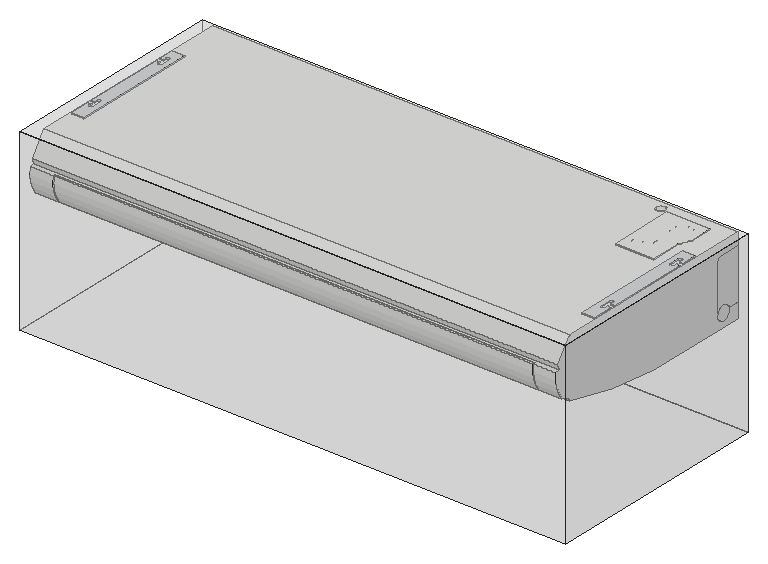
Revit family "outputfile", category 機械設備, Revit 2024
Family settings
  丸型コネクタ寸法 = 半径を使用
  パーツ タイプ = 標準
  OmniClass 番号 = 23.75.10.24.21.27.27
  OmniClass タイトル = Split System Air Conditioning Units
  作業面ベース = いいえ
  常に垂直 = はい
  ロード時にボイドで切り取り = いいえ
  注釈の向きを維持 = いいえ
  共有 = いいえ
  部屋計算ポイント = はい
Parameters (values of type "FXHQ140BVMS")
  Description = ""
  製造元 = "Daikin"
  書き出し IFC クラス(タイプ) = "IfcUnitaryEquipmentType"
  定義済み IFC タイプ(タイプ) = "AIRCONDITIONINGUNIT"
  Cost = 0
  モデル = "FXHQ140BVMS"
  Type Comments = ""
  Keynote = ""
  Type Image = (empty or 0)
  Assembly Code = ""
  r_Liquid Pipe Size = Liquid Pipe Size / 2  # 4.75 mm
  r_Gas Pipe Size = Gas Pipe Size / 2  # 7.95 mm
  r_Drain Pipe Size = Drain Pipe Size / 2  # 10.0 mm
  l_powersupply [instance] = if(Rear Right Connection_powersupply, 29.0 mm, 175.0 mm)  # 29.0 mm
  h_mountinghole = 2.0 mm  # constant formula
  angle_vertical_powersupply [instance] = if(Rear Right Connection_powersupply, 90.00°, 180.00°)  # 90.00°
  angle_vertical_drainpipe [instance] = if(or(Left Connection_drainpipe, Right Connection_drainpipe), 90.00°, if(Top Connection_drainpipe, 180.00°, -90.00°))  # -90.00°
  angle_horizontal_powersupply [instance] = if(Rear Right Connection_powersupply, 180.00°, 0.00°)  # 180.00°
  angle_horizontal_drainpipe [instance] = if(Right Connection_drainpipe, 90.00°, if(Left Connection_drainpipe, -90.00°, 0.00°))  # 0.00°
  Voltage_comment_50Hz = "220-240"
  Voltage_50Hz = 220 V
  URL = ""
  Top Connection_refrigerant [instance] = no
  Top Connection_powersupply [instance] = not(Rear Right Connection_powersupply)  # no
  Sound Power Level_H speed (dB) = 0
  Right Connection_refrigerant [instance] = no
  Rear Right Connection_refrigerant [instance] = yes
  Phase_50Hz = 1
  Minimum Circuit Amps_50Hz = 1.4 A
  Maximum Fuse Amps_50Hz = 15.0 A
  Material_Casing = DAIKIN_White_Casing_indoorunit
  lw_powersupply [instance] = if(Rear Right Connection_powersupply, 220.0 mm, 210.0 mm)  # 220.0 mm
  lw_mountinghole_pitch = 1550.0 mm  # constant formula
  lw_mountinghole = 20.0 mm  # constant formula
  lw_liquidpipe [instance] = if(Right Connection_refrigerant, 156.0 mm, if(Top Connection_refrigerant, 156.0 mm, 136.0 mm))  # 136.0 mm
  lw_gaspipe = 105.0 mm  # constant formula
  lw_drainpipe [instance] = if(Top Connection_drainpipe, 102.0 mm, if(or(Left Connection_drainpipe, Rear Left Connection_drainpipe), 1514.0 mm, 83.0 mm))  # 83.0 mm
  lh_powersupply = 175.0 mm  # constant formula
  lh_liquidpipe [instance] = if(Rear Right Connection_refrigerant, 160.0 mm, 131.0 mm)  # 160.0 mm
  lh_gaspipe [instance] = if(Rear Right Connection_refrigerant, 150.0 mm, 91.0 mm)  # 150.0 mm
  lh_drainpipe = 197.0 mm  # constant formula
  l_antena = 1.0 mm  # constant formula
  ld_powersupply = 30.0 mm  # constant formula
  ld_mountinghole_pitch = 260.0 mm  # constant formula
  ld_mountinghole = 210.0 mm  # constant formula
  ld_liquidpipe [instance] = if(Right Connection_refrigerant, 57.0 mm, if(Top Connection_refrigerant, 189.0 mm, 221.0 mm))  # 221.0 mm
  ld_gaspipe [instance] = if(Right Connection_refrigerant, 57.0 mm, if(Top Connection_refrigerant, 163.0 mm, 214.0 mm))  # 214.0 mm
  ld_drainpipe [instance] = if(or(Left Connection_drainpipe, Right Connection_drainpipe), 57.0 mm, if(Top Connection_drainpipe, 87.0 mm, 268.0 mm))  # 268.0 mm
  l_liquidpipe_length [instance] = if(Right Connection_refrigerant, 156.0 mm, if(Top Connection_refrigerant, 131.0 mm, 220.0 mm))  # 220.0 mm
  l_gaspipe_length [instance] = if(Right Connection_refrigerant, 105.0 mm, if(Top Connection_refrigerant, 91.0 mm, 213.0 mm))  # 213.0 mm
  l_drainpipe_length [instance] = if(Right Connection_drainpipe, 83.0 mm, if(Top Connection_drainpipe, 197.0 mm, if(Left Connection_drainpipe, 76.0 mm, 267.0 mm)))  # 267.0 mm
  h*** = 0.0 mm  # constant formula
  angle_vertical [instance] = if(Right Connection_refrigerant, 90.00°, if(Top Connection_refrigerant, 180.00°, -90.00°))  # -90.00°
  angle_horizontal [instance] = if(Right Connection_refrigerant, 90.00°, 0.00°)  # 0.00°
  Width = 1590.0 mm
  Version = "ver.1.0"
  Unit Type = "Ceiling Suspended Type"
  Unit Mass Weight = 39.00 kg
  Unit Designation [instance] = ""
  Uniclass2015Version = "Products v1.30"
  Uniclass2015Title = "Variable refrigerant flow units"
  Uniclass2015Code = "Pr_70_65_03_94"
  Total Heating Capacity [instance] = 0.000 kW
  Total Cooling Capacity [instance] = 0.000 kW
  Top Connection_drainpipe [instance] = no
  Sound Pressure Level_M speed (dBA) = 0
  Sound Pressure Level_L speed (dBA) = 37
  Sound Pressure Level_H speed (dBA) = 48
  Series = "VRV Fan Coil Unit"
  Sensible Cooling Capacity [instance] = 0.000 kW
  Rear Right Connection_drainpipe [instance] = yes
  Rear Right Connection_powersupply [instance] = yes
  Right Connection_drainpipe [instance] = no
  Refrigerant Type = "R410A"
  Power Input (Heating) = 0.181 kW
  Power Input (Cooling) = 0.181 kW
  Option Accessory 3 [instance] = ""
  Option Accessory 2 [instance] = ""
  Option Accessory 1 [instance] = ""
  Nominal Heating Capacity = 17.000 kW
  Nominal Cooling Capacity = 15.500 kW
  Minimum Airflow = 1200.00 m³/h
  Median Airflow = 0.00 m³/h
  Maximum Airflow = 2160.00 m³/h
  Load Classification = HVAC
  Liquid Pipe Size = 9.5 mm
  Link_Nested Family [instance] = ""
  Rear Left Connection_drainpipe [instance] = no
  Left Connection_drainpipe [instance] = no
  IfcVersion = "0"
  IfcExportType = "AIRCONDITIONINGUNIT"
  IfcExportAs = "IfcUnitaryEquipmentType"
  Height = 235.0 mm
  Heating Entering Wet Bulb Temperature [instance] = 0.00 °C
  Heating Entering Dry Bulb Temperature [instance] = 0.00 °C
  Heating Ambient Wet Bulb Temperature [instance] = 0.00 °C
  Heating Ambient Dry Bulb Temperature [instance] = 0.00 °C
  Heat Exchanger Type = "Cross Fin Coil"
  Gas Pipe Size = 15.9 mm
  Frequency_50Hz = 50 Hz
  Fan Type = "Sirocco Fan"
  Fan Drive = "Direct Drive"
  FCU Tag No. [instance] = ""
  Drain Pipe Size = 20.0 mm
  Design Supply Airflow [instance] = 0.00 m³/h
  Design Outdoor Airflow [instance] = 0.00 m³/h
  Depth = 690.0 mm
  既定の高さ = 0.0 mm
  Cooling Entering Wet Bulb Temperature [instance] = 0.00 °C
  Cooling Entering Dry Bulb Temperature [instance] = 0.00 °C
  Cooling Ambient Wet Bulb Temperature [instance] = 0.00 °C
  Cooling Ambient Dry Bulb Temperature [instance] = 0.00 °C
  Clearance visibility [instance] = yes
  Clearance Top = 5.0 mm
  Clearance Right = 30.0 mm
  Clearance Rear = 0.0 mm
  Clearance Left = 30.0 mm
  Clearance Front = 0.0 mm
  Clearance Bottom = 300.0 mm
Reference planes
  plane 1 "Back": y = 0
  plane 2: z = 0
  plane 3 "Center (Left/Right)": x = 0
  plane 4 "Center (Front/Back)": y = -1
  plane 5 "Front": y = -690
  plane 6 "Left": x = -795
  plane 7 "Right": x = 795
  plane 8 "Top": z = 0
  plane 9 "Bottom": z = -235
  plane 10: y = -690
  plane 11: x = -825
  plane 12: x = 825
  plane 13: z = 5
  plane 14: z = -535
  plane 15: y = 0
  plane 16 "lw_mountinghole": x = -775
  plane 17 "lw_mountinghole2": x = 775
  plane 18 "ld_mountinghole": y = -210
  plane 19 "ld_mountinghole2": y = -470
  plane 20 "lw_gaspipe": x = 690
  plane 21 "ld_gaspipe": y = -214
  plane 22 "lh_gaspipe": z = -150
  plane 23 "lw_liquidpipe": x = 659
  plane 24 "ld_liquidpipe": y = -221
  plane 25 "lh_liquidpipe": z = -160
  plane 26 "ld_drainpipe": y = -268
  plane 27 "lw_drainpipe": x = 712
  plane 28 "lh_drainpipe": z = -197
  plane 29 "lw_powersupply": x = 575
  plane 30 "lh_powersupply": z = -175
  plane 31 "ld_powersupply": y = -30
Forms (mm)
  Extrusion 1, solid, material "DAIKIN_White_Casing_indoorunit" <- "Material_Casing"
    sketch origin (0, 0, 0) x (0, 1, 0) y (0, 0, 1)
      loop
        line (-639.277, 0) -> (-680.876, -61.699) -> (-675.026, -77.772)
        arc (-675.026, -77.772) -> (-681.815, -78.743) -> (-688.601, -79.732) r 2634.132
        arc (-688.601, -79.732) -> (-687.018, -121.096) -> (-669.159, -158.439) r 102.2
        line (-669.159, -158.439) -> (-639.858, -169.325) -> (-635.895, -178.261)
        arc (-635.895, -178.261) -> (-479.121, -215.759) -> (-319.077, -235) r 1400.997
        line (-319.077, -235) -> (-1, -235) -> (-1, 0) -> (-639.277, 0)
    from -795 to 795
  Extrusion 2, solid, material "DAIKIN_White_Casing_indoorunit" <- "Material_Casing"
    sketch origin (0, 0, 0) x (0, 1, 0) y (0, 0, 1)
      loop
        arc (-688.601, -79.732) -> (-687.018, -121.096) -> (-669.159, -158.439) r 102.2
        line (-669.159, -158.439) -> (-665.589, -154.869)
        arc (-665.589, -154.869) -> (-682.432, -118.783) -> (-683.39, -78.971) r 97.2
        arc (-683.39, -78.971) -> (-685.996, -79.351) -> (-688.601, -79.732) r 2634.132
    from -725.5 to 725.5
  Extrusion 3, void
    sketch origin (0, 0, 0) x (0, 1, 0) y (0, 0, 1)
      loop
        line (-301.098, -235) -> (-21.098, -235) -> (-21.098, -230) -> (-301.098, -230) -> (-301.098, -235)
    from -750 to 750
  Extrusion 4, solid, material "DAIKIN_White_Grille_indoorunit"
    sketch origin (0, 0, 0) x (0, 1, 0) y (0, 0, 1)
      loop
        line (-20.098, -230) -> (-301.098, -230) -> (-301.098, -235) -> (-20.098, -235) -> (-20.098, -230)
    from -750 to 750
  Extrusion 5, solid, material "DAIKIN_White_Casing_indoorunit" <- "Material_Casing"
    sketch origin (0, 0, 0) x (1, 0, 0) y (0, 0, 1)
      loop
        line (602, -63) -> (602, -178) -> (673, -220) -> (736, -220) -> (736, -63) -> (602, -63)
    from 0 to 1
  Extrusion 6, solid, material "DAIKIN_White_Casing_indoorunit" <- "Material_Casing"
    sketch origin (0, 0, 0) x (-1, 0, 0) y (0, -1, 0)
      loop
        line (-607, 35) -> (-607, 230) -> (-723, 230) -> (-723, 135) -> (-738, 105) -> (-738, 35) -> (-607, 35)
    from 0 to 1.9
  Extrusion 7, void
    sketch origin (795, 0, 0) x (0, 1, 0) y (0, 0, 1)
      loop
        arc (-79.5, -195) -> (-55.446, -217.446) -> (-34.715, -191.9) r 22.5
        line (-34.715, -191.9) -> (-1, -191.9) -> (-1, -190.1) -> (-35.04, -190.1)
        arc (-35.04, -190.1) -> (-54.942, -172.594) -> (-77.7, -186.182) r 22.5
        line (-77.7, -186.182) -> (-77.7, -43)
        arc (-77.7, -43) -> (-76.528, -40.172) -> (-73.7, -39) r 4
        line (-73.7, -39) -> (-1, -39) -> (-1, -37.2) -> (-73.7, -37.2)
        arc (-73.7, -37.2) -> (-77.801, -38.899) -> (-79.5, -43) r 5.8
        line (-79.5, -43) -> (-79.5, -195)
      loop
        circle (-57, -195) r 20.7
    from 0 to -10
  Extrusion 8, void
    sketch origin (-1444.026, -1, 1200) x (1, 0, 0) y (0, 0, 1)
      loop
        arc (715.026, -1375) -> (704.42, -1379.393) -> (700.026, -1390) r 15
        line (700.026, -1390) -> (700.026, -1400)
        arc (700.026, -1400) -> (704.42, -1410.607) -> (715.026, -1415) r 15
        line (715.026, -1415) -> (745.026, -1415)
        arc (745.026, -1415) -> (755.633, -1410.607) -> (760.026, -1400) r 15
        line (760.026, -1400) -> (760.026, -1390)
        arc (760.026, -1390) -> (755.633, -1379.393) -> (745.026, -1375) r 15
        line (745.026, -1375) -> (715.026, -1375)
    from 0 to 10
  Extrusion 9, void
    sketch origin (-795, 0, 0) x (0, 1, 0) y (0, 0, 1)
      loop
        circle (-57, -197) r 22.5
    from 0 to 10
  Extrusion 10, void
    sketch origin (-1444.026, -1, 1200) x (1, 0, 0) y (0, 0, 1)
      loop
        circle (2136.026, -1375) r 44
    from 0 to 10
  Extrusion 11, void
    sketch origin (0, 0, 0) x (-1, 0, 0) y (0, -1, 0)
      loop
        circle (-693, 87) r 30
    from 0 to -10
  Extrusion 12, void
    sketch origin (0, 0, 0) x (-1, 0, 0) y (0, -1, 0)
      loop
        circle (-690, 163) r 18
    from 0 to -10
  Extrusion 13, void
    sketch origin (0, 0, 0) x (-1, 0, 0) y (0, -1, 0)
      loop
        circle (-639, 189) r 13
    from 0 to -10
  Extrusion 14, void
    sketch origin (-1444.026, -1, 1200) x (1, 0, 0) y (0, 0, 1)
      loop
        circle (2019.026, -1375) r 14.5
    from 0 to 10
  Extrusion 15, void
    sketch origin (0, 0, 0) x (-1, 0, 0) y (0, -1, 0)
      loop
        circle (-585, 30) r 14.5
    from 0 to -10
  Extrusion 16, void
    sketch origin (795, 0, 0) x (0, 1, 0) y (0, 0, 1)
      loop
        arc (-665.589, -154.869) -> (-682.432, -118.783) -> (-683.39, -78.971) r 97.2
        arc (-683.39, -78.971) -> (-685.996, -79.351) -> (-688.601, -79.732) r 2634.132
        arc (-688.601, -79.732) -> (-687.018, -121.096) -> (-669.159, -158.439) r 102.2
        line (-669.159, -158.439) -> (-665.589, -154.869)
    from -69.5 to -1520.5
  Extrusion 17, solid, material "DAIKIN_White_Casing_indoorunit" <- "Material_Casing"
    sketch origin (-795, 0, 0) x (0, 1, 0) y (0, 0, 1)
      loop
        circle (-57, -197) r 22.5
    from 0 to 10
  Extrusion 18, solid
    sketch origin (0, 0, 0) x (-1, 0, 0) y (0, -1, 0)
      loop
        line (781, 223.998) -> (781, 215.998) -> (791.2, 215.998) -> (791.2, 463.998) -> (781, 463.998) -> (781, 455.998)
        arc (781, 455.998) -> (775, 449.998) -> (769, 455.998) r 6
        line (769, 455.998) -> (769, 483.998)
        arc (769, 483.998) -> (775, 489.998) -> (781, 483.998) r 6
        line (781, 483.998) -> (781, 475.998) -> (791.2, 475.998) -> (791.2, 538.998) -> (752.798, 538.998) -> (752.798, 158.998) -> (791.2, 158.998) -> (791.2, 203.998) -> (781, 203.998) -> (781, 195.998)
        arc (781, 195.998) -> (775, 189.998) -> (769, 195.998) r 6
        line (769, 195.998) -> (769, 223.998)
        arc (769, 223.998) -> (775, 229.998) -> (781, 223.998) r 6
      loop
        line (-769, 223.998) -> (-769, 195.998)
        arc (-769, 195.998) -> (-775, 189.998) -> (-781, 195.998) r 6
        line (-781, 195.998) -> (-781, 203.998) -> (-791.2, 203.998) -> (-791.2, 158.998) -> (-752.798, 158.998) -> (-752.798, 538.998) -> (-791.2, 538.998) -> (-791.2, 475.998) -> (-781, 475.998) -> (-781, 483.998)
        arc (-781, 483.998) -> (-775, 489.998) -> (-769, 483.998) r 6
        line (-769, 483.998) -> (-769, 455.998)
        arc (-769, 455.998) -> (-775, 449.998) -> (-781, 455.998) r 6
        line (-781, 455.998) -> (-781, 463.998) -> (-791.2, 463.998) -> (-791.2, 215.998) -> (-781, 215.998) -> (-781, 223.998)
        arc (-781, 223.998) -> (-775, 229.998) -> (-769, 223.998) r 6
    from 0 to 2
Cuts and joins
  Extrusion 3, Extrusion 7, Extrusion 8, Extrusion 9, Extrusion 10, Extrusion 11, Extrusion 12, Extrusion 13, Extrusion 14, Extrusion 15, Extrusion 16 cuts Extrusion 1
Lines and regions (mm)
  reference lines
    curve 1: line (795, -580.282, -192.75) -> (795, -551.225, -200.21)
Dimensions and locks
  equal spacing: plane 6 "Left", plane 3 "Center (Left/Right)", plane 7 "Right"
  "Width": plane 6 "Left" to plane 7 "Right"
  "Depth": plane 5 "Front" to plane 1 "Back"
  "Height": plane 8 "Top" to plane 9 "Bottom"
  "Clearance Front": plane 10 to plane 5 "Front"
  "Clearance Left": plane 11 to plane 6 "Left"
  "Clearance Right": plane 7 "Right" to plane 12
  "Clearance Top": plane 13 to plane 8 "Top"
  "Clearance Bottom": plane 9 "Bottom" to plane 14
  "Clearance Rear": plane 1 "Back" to plane 15
  locked: plane 4 "Center (Front/Back)" to plane 1 "Back" at 1
  locked: Extrusion 1 sketch curve to Extrusion 1 sketch curve at 235
  locked: Extrusion 1 sketch curve to Extrusion 1 sketch curve at 318.077
  locked: Extrusion 1 sketch curve to Extrusion 1 sketch curve at 1163.297
  locked: Extrusion 1 sketch curve to Extrusion 1 sketch curve at 231.144
  Extrusion 3 sketch curve to Extrusion 3 sketch curve to plane 1 "Back" = 280.0 mm locked, 21.098 mm locked
  "ld_mountinghole": plane 18 "ld_mountinghole" to plane 1 "Back"
  "ld_mountinghole_pitch": plane 18 "ld_mountinghole" to plane 19 "ld_mountinghole2"
  "lw_mountinghole_pitch": plane 16 "lw_mountinghole" to plane 17 "lw_mountinghole2"
  "lw_mountinghole": plane 6 "Left" to plane 16 "lw_mountinghole"
  "lw_gaspipe": plane 20 "lw_gaspipe" to plane 7 "Right"
  "ld_gaspipe": plane 1 "Back" to plane 21 "ld_gaspipe"
  "lw_liquidpipe": plane 23 "lw_liquidpipe" to plane 7 "Right"
  "ld_liquidpipe": plane 1 "Back" to plane 24 "ld_liquidpipe"
  "lw_drainpipe": plane 27 "lw_drainpipe" to plane 7 "Right"
  "ld_drainpipe": plane 26 "ld_drainpipe" to plane 1 "Back"
  plane 8 "Top" to Extrusion 5 sketch curve to Extrusion 5 sketch curve = 63.0 mm locked, 157.0 mm locked
  plane 7 "Right" to Extrusion 5 sketch curve to Extrusion 5 sketch curve = 59.0 mm locked, 134.0 mm locked
  locked: Extrusion 5 sketch curve to Extrusion 5 sketch curve at 115
  locked: Extrusion 5 sketch curve to Extrusion 5 sketch curve at 63
  locked: Extrusion 6 sketch curve to Extrusion 6 sketch curve at 195
  locked: Extrusion 6 sketch curve to Extrusion 6 sketch curve at 116
  locked: Extrusion 6 sketch curve to Extrusion 6 sketch curve at 131
  locked: Extrusion 6 sketch curve to Extrusion 6 sketch curve at 100
  locked: Extrusion 6 sketch curve to plane 1 "Back" at 35
  locked: Extrusion 6 sketch curve to plane 7 "Right" at 57
  locked: Extrusion 8 sketch curve to Extrusion 8 sketch curve at 40
  locked: Extrusion 8 sketch curve to Extrusion 8 sketch curve at 60
  locked: plane 8 "Top" to Extrusion 8 sketch curve at 175
  locked: Extrusion 8 sketch curve to plane 6 "Left" at 51
  locked: plane 7 "Right" to Extrusion 10 sketch curve at 103
  locked: plane 8 "Top" to Extrusion 10 sketch curve at 175
  locked: Extrusion 11 sketch curve to plane 1 "Back" at 87
  locked: Extrusion 11 sketch curve to plane 7 "Right" at 102
  locked: Extrusion 12 sketch curve to plane 1 "Back" at 163
  locked: Extrusion 12 sketch curve to plane 7 "Right" at 105
  locked: Extrusion 13 sketch curve to plane 1 "Back" at 189
  locked: Extrusion 13 sketch curve to plane 7 "Right" at 156
  "lw_powersupply": plane 29 "lw_powersupply" to plane 7 "Right"
  "lh_gaspipe": plane 8 "Top" to plane 22 "lh_gaspipe"
  "lh_liquidpipe": plane 8 "Top" to plane 25 "lh_liquidpipe"
  "lh_powersupply": plane 8 "Top" to plane 30 "lh_powersupply"
  "lh_drainpipe": plane 8 "Top" to plane 28 "lh_drainpipe"
  "ld_powersupply": plane 1 "Back" to plane 31 "ld_powersupply"
  locked: plane 8 "Top" to Extrusion 7 sketch curve at 195
  locked: Extrusion 7 sketch curve to plane 1 "Back" at 57
  locked: plane 9 "Bottom" to Extrusion 7 sketch curve at 43.1
  locked: Extrusion 7 sketch curve to plane 8 "Top" at 39
  locked: Extrusion 7 sketch curve to plane 1 "Back" at 79.5
  locked: Extrusion 9 sketch curve to plane 1 "Back" at 57
  locked: plane 8 "Top" to Extrusion 9 sketch curve at 197
  locked: Extrusion 17 sketch curve to plane 1 "Back" at 57
  locked: plane 8 "Top" to Extrusion 17 sketch curve at 197
  locked: plane 7 "Right" to Extrusion 14 sketch curve at 220
  locked: plane 8 "Top" to Extrusion 14 sketch curve at 175
  locked: Extrusion 15 sketch curve to plane 7 "Right" at 210
  locked: Extrusion 15 sketch curve to plane 1 "Back" at 30
  locked: curve 1 to plane 9 "Bottom" at 34.79
  locked: curve 1 to plane 9 "Bottom" at 42.25
  locked: curve 1 to plane 9 "Bottom" (angle 14.40°)
  aligned and locked: level to plane 2
  aligned and locked: nested 1 to plane 11
  aligned and locked: nested 1 to plane 12
  aligned and locked: nested 1 to plane 10
  aligned and locked: plane 13 to nested 1
  aligned and locked: plane 14 to nested 1
  aligned and locked: plane 15 to nested 1
  aligned and locked: Extrusion 1 sketch curve to plane 8 "Top"
  aligned and locked: Extrusion 2 sketch curve to Extrusion 1  (x2)
  aligned and locked: plane 7 "Right" to Extrusion 1
  aligned and locked: Extrusion 1 to plane 6 "Left"
  aligned and locked: cut or joined group 1 (Extrusion 1, Extrusion 3, Extrusion 7, Extrusion 8, Extrusion 9, Extrusion 10, Extrusion 11, Extrusion 12, Extrusion 13, Extrusion 14, Extrusion 15, Extrusion 16) to Extrusion 3 sketch curve
  aligned and locked: cut or joined group 1 to Extrusion 4 sketch curve
  aligned and locked: Extrusion 5 to plane 4 "Center (Front/Back)"
  aligned and locked: Extrusion 7 sketch curve to plane 4 "Center (Front/Back)"
  aligned and locked: Extrusion 16 sketch curve to Extrusion 2  (x4)
  aligned and locked: Extrusion 16 to Extrusion 2  (x2)
  aligned and locked: nested 2 to plane 26 "ld_drainpipe"
  aligned and locked: plane 27 "lw_drainpipe" to nested 2
  aligned and locked: plane 20 "lw_gaspipe" to nested 3
  aligned and locked: nested 3 to plane 21 "ld_gaspipe"
  aligned and locked: plane 23 "lw_liquidpipe" to nested 4
  aligned and locked: nested 4 to plane 24 "ld_liquidpipe"
  aligned and locked: plane 25 "lh_liquidpipe" to nested 4
  aligned and locked: Extrusion 4 sketch curve to cut or joined group 1
  aligned and locked: nested 5 to plane 31 "ld_powersupply"
  aligned and locked: plane 29 "lw_powersupply" to nested 5
  aligned and locked: nested 7 to plane 18 "ld_mountinghole"
  aligned and locked: plane 16 "lw_mountinghole" to nested 7
  aligned and locked: nested 6 to plane 19 "ld_mountinghole2"
  aligned and locked: plane 16 "lw_mountinghole" to nested 6
  aligned and locked: nested 9 to plane 18 "ld_mountinghole"
  aligned and locked: plane 17 "lw_mountinghole2" to nested 9
  aligned and locked: plane 17 "lw_mountinghole2" to nested 8
  aligned and locked: nested 8 to plane 19 "ld_mountinghole2"
  aligned and locked: nested 10 to curve 1
  aligned and locked: level to plane 8 "Top"
Automatic sketch dimensions
  Extrusion 1 sketch curve to plane 5 "Front" = 9.124 mm
  Extrusion 1 sketch curve to plane 8 "Top" = 61.699 mm
  Extrusion 1 sketch curve to plane 5 "Front" = 14.974 mm
  Extrusion 1 sketch curve to plane 5 "Front" = 50.723 mm
  Extrusion 1 sketch curve to Extrusion 1 sketch curve = 16.072 mm
  Extrusion 1 sketch curve to plane 5 "Front" = 54.105 mm
  Extrusion 1 sketch curve to Extrusion 1 sketch curve = 87.226 mm
  Extrusion 1 sketch curve to plane 4 "Center (Front/Back)" = 304.278 mm
  Extrusion 1 sketch curve to Extrusion 1 sketch curve = 18.815 mm
  Extrusion 1 sketch curve to plane 5 "Front" = 1.399 mm
  Extrusion 1 sketch curve to plane 5 "Front" = 20.841 mm
  Extrusion 1 sketch curve to Extrusion 1 sketch curve = 3.963 mm
  Extrusion 1 sketch curve to Extrusion 1 sketch curve = 1.961 mm
  Extrusion 1 sketch curve to Extrusion 1 sketch curve = 8.936 mm
  Extrusion 1 sketch curve to plane 4 "Center (Front/Back)" = 0.0 mm
  Extrusion 2 sketch curve to Extrusion 2 sketch curve = 0.0 mm  (x2)
  Extrusion 2 sketch curve to Extrusion 2 sketch curve = 5.21 mm
  Extrusion 2 sketch curve to Extrusion 2 sketch curve = 3.57 mm  (x2)
  plane 9 "Bottom" to Extrusion 3 sketch curve = 5.0 mm
  Extrusion 6 sketch curve to Extrusion 6 sketch curve = 30.0 mm
  Extrusion 8 sketch curve to plane 28 "lh_drainpipe" = 3.0 mm  (x2)
  Extrusion 7 sketch curve to Extrusion 7 sketch curve = 0.0 mm  (x6)
  Extrusion 7 sketch curve to plane 4 "Center (Front/Back)" = 0.0 mm  (x2)
  Extrusion 7 sketch curve to Extrusion 7 sketch curve = 1.8 mm  (x2)
  Extrusion 7 sketch curve to Extrusion 7 sketch curve = 0.325 mm
  Extrusion 7 sketch curve to Extrusion 7 sketch curve = 4.0 mm
  plane 9 "Bottom" to Extrusion 4 sketch curve = 5.0 mm
  plane 31 "ld_powersupply" to Extrusion 4 sketch curve = 9.902 mm
  Extrusion 18 sketch curve to plane 17 "lw_mountinghole2" = 0.0 mm  (x4)
  Extrusion 18 sketch curve to plane 16 "lw_mountinghole" = 0.0 mm  (x4)
  plane 17 "lw_mountinghole2" to Extrusion 18 sketch curve = 6.0 mm  (x2)
  Extrusion 18 sketch curve to plane 7 "Right" = 3.8 mm  (x3)
  plane 16 "lw_mountinghole" to Extrusion 18 sketch curve = 22.202 mm
  plane 16 "lw_mountinghole" to Extrusion 18 sketch curve = 6.0 mm
  Extrusion 18 sketch curve to Extrusion 18 sketch curve = 6.0 mm
  plane 6 "Left" to Extrusion 18 sketch curve = 3.8 mm  (x3)
  plane 18 "ld_mountinghole" to Extrusion 18 sketch curve = 51.002 mm  (x2)
  plane 18 "ld_mountinghole" to Extrusion 18 sketch curve = 14.002 mm  (x2)
  plane 18 "ld_mountinghole" to Extrusion 18 sketch curve = 6.002 mm  (x2)
  Extrusion 18 sketch curve to plane 18 "ld_mountinghole" = 5.998 mm  (x2)
  Extrusion 18 sketch curve to Extrusion 18 sketch curve = 8.0 mm  (x3)
  plane 19 "ld_mountinghole2" to Extrusion 18 sketch curve = 14.002 mm  (x2)
  plane 19 "ld_mountinghole2" to Extrusion 18 sketch curve = 6.002 mm  (x2)
  Extrusion 18 sketch curve to plane 19 "ld_mountinghole2" = 5.998 mm  (x2)
  Extrusion 18 sketch curve to plane 19 "ld_mountinghole2" = 13.998 mm
  Extrusion 18 sketch curve to Extrusion 18 sketch curve = 55.0 mm  (x2)
  Extrusion 18 sketch curve to plane 17 "lw_mountinghole2" = 22.202 mm
  curve 1 to plane 5 "Front" = 109.718 mm
  Extrusion 8 sketch curve to Extrusion 8 sketch curve = 15.0 mm  (x2)
  radius of Extrusion 10 sketch curve = 44.0 mm
  radius of Extrusion 11 sketch curve = 30.0 mm
  radius of Extrusion 12 sketch curve = 18.0 mm
  radius of Extrusion 13 sketch curve = 13.0 mm
  radius of Extrusion 15 sketch curve = 14.5 mm
  radius of Extrusion 14 sketch curve = 14.5 mm
  radius of Extrusion 7 sketch curve = 20.7 mm
  radius of Extrusion 9 sketch curve = 22.5 mm
  radius of Extrusion 17 sketch curve = 22.5 mm
Nested families
  nested 1: "daikin_clearancespace" at (0, -345, -264.881), visible <- "Clearance visibility", show <- "Clearance visibility", Link_Nested Family <- "Link_Nested Family", type "daikin_clearancespace"
    with width 1650.0 mm, show yes, height 540.0 mm, depth 690.0 mm, Link_Nested Family ""
  nested 2: "daikin_connector_rotate3" at (712, -268, -197), radius <- "r_Drain Pipe Size", angle_vertical <- "angle_vertical_drainpipe", angle_horizontal <- "angle_horizontal_drainpipe", length <- "l_drainpipe_length", type "daikin_connector_rotate3"
    with show no, radius 10.0 mm, length 267.0 mm, angle_vertical -90.00°, angle_horizontal 0.00°
  nested 3: "daikin_connector_rotate3" at (690, -214, -150), radius <- "r_Gas Pipe Size", angle_vertical <- "angle_vertical", angle_horizontal <- "angle_horizontal", length <- "l_gaspipe_length", type "daikin_connector_rotate3"
    with show no, radius 7.95 mm, length 213.0 mm, angle_vertical -90.00°, angle_horizontal 0.00°
  nested 4: "daikin_connector_rotate3" at (659, -221, -160), radius <- "r_Liquid Pipe Size", angle_vertical <- "angle_vertical", angle_horizontal <- "angle_horizontal", length <- "l_liquidpipe_length", type "daikin_connector_rotate3"
    with show no, radius 4.75 mm, length 220.0 mm, angle_vertical -90.00°, angle_horizontal 0.00°
  nested 5: "daikin_connector_rotate3" at (575, -30, -175), length <- "l_powersupply", angle_vertical <- "angle_vertical_powersupply", angle_horizontal <- "angle_horizontal_powersupply", type "daikin_connector_rotate3"
    with show no, radius 10.0 mm, length 29.0 mm, angle_vertical 90.00°, angle_horizontal 180.00°
  nested 6: "daikin_mountinghole" at (-775, -470, 0), l_antenna <- "l_antena", Link_Nested Family <- "Link_Nested Family", h_mountinghole <- "h_mountinghole", type "daikin_mountinghole"
    with show yes, l_antenna 1.0 mm, h_mountinghole 2.0 mm, Link_Nested Family ""
  nested 7: "daikin_mountinghole" at (-775, -210, 0), l_antenna <- "l_antena", Link_Nested Family <- "Link_Nested Family", h_mountinghole <- "h_mountinghole", type "daikin_mountinghole"
    with show yes, l_antenna 1.0 mm, h_mountinghole 2.0 mm, Link_Nested Family ""
  nested 8: "daikin_mountinghole" at (775, -470, 0), l_antenna <- "l_antena", Link_Nested Family <- "Link_Nested Family", h_mountinghole <- "h_mountinghole", type "daikin_mountinghole"
    with show yes, l_antenna 1.0 mm, h_mountinghole 2.0 mm, Link_Nested Family ""
  nested 9: "daikin_mountinghole" at (775, -210, 0), Link_Nested Family <- "Link_Nested Family", l_antenna <- "l_antena", h_mountinghole <- "h_mountinghole", type "daikin_mountinghole"
    with show yes, l_antenna 1.0 mm, h_mountinghole 2.0 mm, Link_Nested Family ""
  nested 10: "daikin_logo_plane_w40" at (647.963, -559.801, -198.008) x (1, 0, 0) z (0, -0.2487, -0.9686), type "daikin_logo_plane_w40"
    with show_logo yes
Connectors
  piping at (712, -1, -197), diameter 20, driven by "r_Drain Pipe Size"
    settings: on nested 2, index 1, connector inside diameter 609.6 mm, connector length 0.0 mm, flow factor 0, pipe flow 0.00 m³/h, pressure drop 0.0 Pa, fitting loss kfactor 0, connector angle 0.00°, fixture units 0, engagement length 0.0 mm, angle of deflection 0.00°, flow configuration 1, flow direction 2, fitting loss method 4, system type 16, joint type 0, gender type 0, connector reference index -1, connector utility 0, adjustable connector no, is connector primary yes, connector description "Condensate Drain Piping"
  piping at (690, -1, -150), diameter 15.9, driven by "r_Gas Pipe Size"
    settings: on nested 3, index 3, connector inside diameter 609.6 mm, connector length 0.0 mm, flow factor 0, pipe flow 0.00 m³/h, pressure drop 0.0 Pa, fitting loss kfactor 0, connector angle 0.00°, fixture units 0, engagement length 0.0 mm, angle of deflection 0.00°, flow configuration 1, flow direction 2, fitting loss method 0, system type 29, joint type 0, gender type 0, connector reference index -1, connector utility 0, adjustable connector no, is connector primary no, connector description "Refrigerant Gas Piping"
  piping at (659, -1, -160), diameter 9.5, driven by "r_Liquid Pipe Size"
    settings: on nested 4, index 4, connector inside diameter 609.6 mm, connector length 0.0 mm, flow factor 0, pipe flow 0.00 m³/h, pressure drop 0.0 Pa, fitting loss kfactor 0, connector angle 0.00°, fixture units 0, engagement length 0.0 mm, angle of deflection 0.00°, flow configuration 1, flow direction 1, fitting loss method 0, system type 29, joint type 0, gender type 0, connector reference index -1, connector utility 0, adjustable connector no, is connector primary no, connector description "Refrigerant Liquid Piping"
  electrical at (575, -1, -175), driven by "Load Classification"
    settings: on nested 5, index 6, voltage 0 V, apparent load 0 VA, apparent load phase1 0 VA, apparent load phase2 0 VA, apparent load phase3 0 VA, power factor 1, load classification "HVAC", number of poles 1, system type 30, power factor state 1, is connector primary yes, connector utility no, sub classification motor no, connector description "Power Supply"
Definition of nested family "daikin_clearancespace"
  Parameters (values of type "daikin_clearancespace")
    width [instance] = 1823.963 mm
    show [instance] = yes
    material = none
    height [instance] = 1359.762 mm
    depth [instance] = 880.0 mm
    Default Elevation = 0.0 mm
    Link_Nested Family [instance] = ""
  Reference planes
    plane 1 "Center (Front/Back)": y = 0
    plane 2 "Center (Elevation)": z = -0.119
    plane 3 "Center (Left/Right)": x = 0
    plane 4: y = 440
    plane 5: y = -440
    plane 6 "Right": x = 911.982
    plane 7 "Left": x = -911.982
    plane 8 "Top": z = 679.762
    plane 9 "Bottom": z = -680
  Forms (mm)
    Extrusion 1, solid, material <- "material", visible <- "show"
      sketch origin (0, 0, 0) x (1, 0, 0) y (0, 1, 0)
        loop
          line (-911.982, 440) -> (-911.982, -440) -> (911.982, -440) -> (911.982, 440) -> (-911.982, 440)
      from -680 to 679.762
  Lines and regions (mm)
    symbolic lines, visible <- "show"
      curve 1: line (911.982, 440, 0) -> (-911.982, 440, 0)
      curve 2: line (-911.982, 440, 0) -> (-911.982, -440, 0)
      curve 3: line (-911.982, -440, 0) -> (911.982, -440, 0)
      curve 4: line (911.982, -440, 0) -> (911.982, 440, 0)
      curve 5: line (911.982, 0, 679.762) -> (-911.982, 0, 679.762)
      curve 6: line (911.982, 0, -680) -> (911.982, 0, 679.762)
      curve 7: line (-911.982, 0, -680) -> (911.982, 0, -680)
      curve 8: line (-911.982, 0, 679.762) -> (-911.982, 0, -680)
      curve 9: line (0, 440, 679.762) -> (0, -440, 679.762)
      curve 10: line (0, -440, 679.762) -> (0, -440, -680)
      curve 11: line (0, 440, -680) -> (0, 440, 679.762)
      curve 12: line (0, -440, -680) -> (0, 440, -680)
  Dimensions and locks
    "width": plane 7 "Left" to plane 6 "Right"
    "depth": plane 4 to plane 5
    "height": plane 8 "Top" to plane 9 "Bottom"
    equal spacing: plane 7 "Left", plane 3 "Center (Left/Right)", plane 6 "Right"
    equal spacing: plane 4, plane 1 "Center (Front/Back)", plane 5
    equal spacing: plane 8 "Top", plane 2 "Center (Elevation)", plane 9 "Bottom"
    aligned and locked: level to plane 2 "Center (Elevation)"
    aligned and locked: Extrusion 1 sketch curve to plane 4
    aligned and locked: plane 7 "Left" to Extrusion 1 sketch curve
    aligned and locked: Extrusion 1 sketch curve to plane 5
    aligned and locked: Extrusion 1 sketch curve to plane 6 "Right"
    aligned and locked: plane 8 "Top" to Extrusion 1
    aligned and locked: curve 1 to Extrusion 1
    aligned and locked: curve 2 to Extrusion 1
    aligned and locked: curve 3 to Extrusion 1
    aligned and locked: curve 4 to Extrusion 1
    aligned and locked: curve 5 to Extrusion 1
    aligned and locked: curve 6 to Extrusion 1
    aligned and locked: curve 7 to Extrusion 1
    aligned and locked: curve 8 to Extrusion 1
    aligned and locked: curve 9 to Extrusion 1
    aligned and locked: curve 10 to Extrusion 1
    aligned and locked: curve 11 to Extrusion 1
    aligned and locked: curve 12 to Extrusion 1
    aligned and locked: Extrusion 1 to plane 9 "Bottom"
Definition of nested family "daikin_logo_plane_w40"
  Parameters (values of type "daikin_logo_plane_w40")
    width = 40.0 mm
    show_logo [instance] = yes
    material = none
    height = 0.0 mm
    depth = 0.0 mm
    Default Elevation = 1219.2 mm
  Reference planes
    plane 1 "Center (Front/Back)": y = 0
    plane 2: z = 0
    plane 3 "Center (Left/Right)": x = 0
    plane 4: z = 2
    plane 5 "left": x = -19
    plane 6: x = 19
  Forms (mm)
    Extrusion 1, solid, visible <- "show_logo"
      sketch origin (-19, 0, 0) x (1, 0, 0) y (0, 1, 0)
        loop
          line (8.902, -1.878) -> (7.789, -6.332) -> (11.13, -6.332)
          arc (11.13, -6.332) -> (12.454, -6.064) -> (13.472, -5.176) r 2.642
          arc (13.472, -5.176) -> (13.92, -4.02) -> (13.767, -2.79) r 2.537
          arc (13.767, -2.79) -> (13.452, -2.342) -> (12.982, -2.06) r 1.321
          arc (12.982, -2.06) -> (12.063, -1.902) -> (11.13, -1.878) r 6.479
          line (11.13, -1.878) -> (8.902, -1.878)
        loop
          line (10.016, -5.441) -> (10.907, -5.441)
          arc (10.907, -5.441) -> (11.591, -4.983) -> (11.988, -4.261) r 1.742
          spline (11.988, -4.261) -> (12.01, -4.155) -> (12.027, -4.03) -> (12.037, -3.893) -> (12.037, -3.747) -> (12.026, -3.598) -> (12.002, -3.451) -> (11.962, -3.31) -> (11.905, -3.181) -> (11.829, -3.069) -> (11.731, -2.978) -> (11.61, -2.913) -> (11.464, -2.88)
          line (11.464, -2.88) -> (10.573, -2.88) -> (10.016, -5.441)
        loop
          line (13.58, -6.332) -> (14.805, -6.332) -> (15.223, -5.553) -> (16.977, -5.553) -> (17.144, -6.332) -> (19.149, -6.332) -> (18.258, -1.878) -> (16.03, -1.878) -> (13.58, -6.332)
        loop
          line (16.476, -3.214) -> (15.76, -4.551) -> (16.762, -4.551) -> (16.476, -3.214)
        loop
          line (19.705, -6.332) -> (21.599, -6.332) -> (22.712, -1.878) -> (20.819, -1.878) -> (19.705, -6.332)
        loop
          line (22.712, -6.332) -> (24.606, -6.332) -> (24.908, -5.122) -> (25.831, -6.332) -> (28.17, -6.332) -> (26.388, -3.994) -> (28.949, -1.878) -> (26.945, -1.878) -> (25.401, -3.153) -> (25.719, -1.878) -> (23.826, -1.878) -> (22.712, -6.332)
        loop
          line (29.84, -1.878) -> (28.615, -6.332) -> (30.62, -6.332) -> (31.734, -1.878) -> (29.84, -1.878)
        loop
          line (31.734, -6.332) -> (33.07, -6.332) -> (33.7, -3.814) -> (34.518, -6.332) -> (36.745, -6.332) -> (37.859, -1.878) -> (36.523, -1.878) -> (35.845, -4.589) -> (34.963, -1.878) -> (32.847, -1.878) -> (31.734, -6.332)
      from 0 to 2
    Extrusion 2, solid, visible <- "show_logo"
      sketch origin (-19, 0, 0) x (1, 0, 0) y (0, 1, 0)
        loop
          line (8.7, 0) -> (4.235, 0) -> (0, -3.879) -> (0, -8) -> (8.7, 0)
      from 0 to 2
    Extrusion 3, solid, visible <- "show_logo"
      sketch origin (-19, 0, 0) x (1, 0, 0) y (0, 1, 0)
        loop
          line (0, 0) -> (0, -3.879) -> (4.235, 0) -> (0, 0)
      from 0 to 2
  Dimensions and locks
    plane 4 to plane 2 = 2.0 mm
    equal spacing: plane 5 "left", plane 3 "Center (Left/Right)", plane 6
    locked: plane 5 "left" to plane 6 at 38
    aligned and locked: level to plane 2
    aligned and locked: Extrusion 3 to plane 1 "Center (Front/Back)"  (x2)
    aligned and locked: Extrusion 2 to plane 1 "Center (Front/Back)"  (x2)
    aligned and locked: plane 4 to Extrusion 1
    aligned and locked: plane 4 to Extrusion 3
    aligned and locked: plane 4 to Extrusion 2
    aligned and locked: Extrusion 3 to plane 5 "left"
    aligned and locked: Extrusion 2 to plane 5 "left"
  Automatic sketch dimensions
    Extrusion 1 sketch curve to Extrusion 1 sketch curve = 0.901 mm
    Extrusion 1 sketch curve to Extrusion 1 sketch curve = 1.559 mm
    Extrusion 1 sketch curve to Extrusion 1 sketch curve = 1.327 mm
    Extrusion 1 sketch curve to Extrusion 1 sketch curve = 2.145 mm
    Extrusion 1 sketch curve to Extrusion 1 sketch curve = 1.448 mm
    Extrusion 1 sketch curve to Extrusion 1 sketch curve = 2.116 mm
    Extrusion 1 sketch curve to Extrusion 1 sketch curve = 1.114 mm  (x4)
    Extrusion 1 sketch curve to Extrusion 1 sketch curve = 1.336 mm  (x2)
    plane 1 "Center (Front/Back)" to Extrusion 1 sketch curve = 1.878 mm  (x5)
    Extrusion 1 sketch curve to Extrusion 1 sketch curve = 1.893 mm  (x5)
    Extrusion 1 sketch curve to Extrusion 1 sketch curve = 0.891 mm  (x4)
    Extrusion 1 sketch curve to Extrusion 1 sketch curve = 2.005 mm  (x3)
    Extrusion 1 sketch curve to Extrusion 1 sketch curve = 0.445 mm  (x2)
    plane 1 "Center (Front/Back)" to Extrusion 1 sketch curve = 3.994 mm
    Extrusion 1 sketch curve to Extrusion 1 sketch curve = 0.557 mm  (x2)
    Extrusion 1 sketch curve to Extrusion 1 sketch curve = 2.339 mm  (x2)
    Extrusion 1 sketch curve to Extrusion 1 sketch curve = 1.225 mm  (x3)
    plane 1 "Center (Front/Back)" to Extrusion 1 sketch curve = 3.153 mm
    Extrusion 1 sketch curve to Extrusion 1 sketch curve = 0.987 mm
    plane 1 "Center (Front/Back)" to Extrusion 1 sketch curve = 5.122 mm
    Extrusion 1 sketch curve to Extrusion 1 sketch curve = 0.922 mm
    plane 1 "Center (Front/Back)" to Extrusion 1 sketch curve = 6.332 mm
    Extrusion 1 sketch curve to Extrusion 1 sketch curve = 2.562 mm
    plane 1 "Center (Front/Back)" to Extrusion 1 sketch curve = 5.553 mm
    Extrusion 1 sketch curve to Extrusion 1 sketch curve = 0.167 mm
    Extrusion 1 sketch curve to Extrusion 1 sketch curve = 0.215 mm
    plane 1 "Center (Front/Back)" to Extrusion 1 sketch curve = 3.214 mm
    Extrusion 1 sketch curve to Extrusion 1 sketch curve = 0.286 mm
    plane 1 "Center (Front/Back)" to Extrusion 1 sketch curve = 4.551 mm
    Extrusion 1 sketch curve to Extrusion 1 sketch curve = 1.002 mm
    Extrusion 1 sketch curve to Extrusion 1 sketch curve = 0.537 mm
    Extrusion 1 sketch curve to Extrusion 1 sketch curve = 0.418 mm
    Extrusion 1 sketch curve to Extrusion 1 sketch curve = 1.028 mm
    plane 1 "Center (Front/Back)" to Extrusion 1 sketch curve = 4.261 mm
    Extrusion 1 sketch curve to Extrusion 1 sketch curve = 0.563 mm
    plane 1 "Center (Front/Back)" to Extrusion 1 sketch curve = 2.88 mm
    Extrusion 1 sketch curve to Extrusion 1 sketch curve = 1.088 mm
    Extrusion 1 sketch curve to Extrusion 1 sketch curve = 2.152 mm
    Extrusion 1 sketch curve to Extrusion 1 sketch curve = 0.586 mm
    Extrusion 1 sketch curve to Extrusion 1 sketch curve = 0.118 mm
    Extrusion 1 sketch curve to Extrusion 1 sketch curve = 0.298 mm
    Extrusion 1 sketch curve to Extrusion 1 sketch curve = 0.334 mm
    Extrusion 1 sketch curve to Extrusion 1 sketch curve = 0.223 mm
    Extrusion 1 sketch curve to Extrusion 1 sketch curve = 0.266 mm
    Extrusion 1 sketch curve to Extrusion 1 sketch curve = 1.671 mm
    Extrusion 1 sketch curve to Extrusion 1 sketch curve = 2.227 mm
    Extrusion 1 sketch curve to Extrusion 1 sketch curve = 0.0 mm  (x7)
    Extrusion 1 sketch curve to Extrusion 1 sketch curve = 3.453 mm
    Extrusion 1 sketch curve to Extrusion 1 sketch curve = 2.017 mm
    Extrusion 1 sketch curve to Extrusion 1 sketch curve = 0.78 mm  (x2)
    Extrusion 1 sketch curve to Extrusion 1 sketch curve = 1.743 mm
    Extrusion 1 sketch curve to Extrusion 1 sketch curve = 0.775 mm
    Extrusion 1 sketch curve to Extrusion 1 sketch curve = 0.552 mm
    Extrusion 1 sketch curve to Extrusion 1 sketch curve = 0.014 mm
    Extrusion 1 sketch curve to Extrusion 1 sketch curve = 0.952 mm
    Extrusion 1 sketch curve to Extrusion 1 sketch curve = 1.215 mm
    Extrusion 1 sketch curve to Extrusion 1 sketch curve = 0.108 mm
    plane 1 "Center (Front/Back)" to Extrusion 2 sketch curve = 0.0 mm
    Extrusion 2 sketch curve to plane 3 "Center (Left/Right)" = 19.0 mm
    Extrusion 2 sketch curve to plane 3 "Center (Left/Right)" = 14.765 mm
    Extrusion 2 sketch curve to Extrusion 2 sketch curve = 4.465 mm
    plane 1 "Center (Front/Back)" to Extrusion 2 sketch curve = 3.879 mm
    Extrusion 2 sketch curve to Extrusion 2 sketch curve = 4.12 mm
    plane 1 "Center (Front/Back)" to Extrusion 3 sketch curve = 0.0 mm
    Extrusion 3 sketch curve to plane 3 "Center (Left/Right)" = 19.0 mm
    Extrusion 3 sketch curve to plane 3 "Center (Left/Right)" = 14.765 mm
    plane 1 "Center (Front/Back)" to Extrusion 3 sketch curve = 3.879 mm
    Extrusion 1 sketch curve to plane 3 "Center (Left/Right)" = 11.211 mm
    Extrusion 1 sketch curve to Extrusion 1 sketch curve = 1.782 mm
Definition of nested family "daikin_connector_rotate3"
  Parameters (values of type "daikin_connector_rotate3")
    show [instance] = yes
    radius [instance] = 10.0 mm
    length [instance] = 600.0 mm
    angle_horizontal [instance] = 60.00°
    angle_vertical [instance] = 90.00°
    Default Elevation = 1219.2 mm
  Reference planes
    plane 1 "Center (Front/Back)": y = 0
    plane 2: z = 0
    plane 3 "Center (Left/Right)": x = 0
  Dimensions and locks
    "angle_horizontal": angle plane 3 "Center (Left/Right)" to nested 1
    aligned and locked: level to plane 2
    aligned and locked: plane 1 "Center (Front/Back)" to nested 1  (x2)
    aligned and locked: plane 3 "Center (Left/Right)" to nested 1
  Nested families
    nested 1: "daikin_connector_rotate2" at (0, 0, 0) x (0.5, 0.866, 0) z (0, 0, 1), angle_vertical <- "angle_vertical", length <- "length", radius <- "radius", type "daikin_connector_rotate2"
      with radius 10.0 mm, length 600.0 mm, angle_vertical 90.00°
  Definition of nested family "daikin_connector_rotate2"
    Parameters (values of type "daikin_connector_rotate2")
      show_face = yes
      radius [instance] = 10.0 mm
      length [instance] = 600.0 mm
      d_surface = 10.0 mm
      angle_vertical [instance] = 90.00°
      Default Elevation = 0.0 mm
    Reference planes
      plane 1 "Center (Front/Back)": y = 0
      plane 2: z = 0
      plane 3 "Center (Left/Right)": x = 0
    Forms (mm)
      Extrusion 1, solid, visible <- "show_face"
        sketch origin (0, -600, 0) x (1, 0, 0) y (0, 0, 1)
          loop
            circle (0, 0) r 10
        from 0 to -10
    Lines and regions (mm)
      reference lines
        curve 1: line (0, 0, 0) -> (0, -600, 0)
      symbolic lines
        curve 2: circle (0, 0, 0) r 5 normal (0, 0, 1)
      model lines, visible <- "show_face"
        curve 3: line (0, 0, 0) -> (0, -600, 0)
    Dimensions and locks
      "length": curve 1 to curve 1
      "length": curve 3 to curve 3
      "d_surface": Extrusion 1 to Extrusion 1
      "radius": radius of Extrusion 1 sketch curve
      "angle_vertical": angle curve 1 to plane 1 "Center (Front/Back)"
      "angle_vertical": angle curve 3 to plane 1 "Center (Front/Back)"
      aligned and locked: level to plane 2
      aligned and locked: plane 1 "Center (Front/Back)" to curve 1
      aligned and locked: plane 2 to curve 1
      aligned and locked: plane 1 "Center (Front/Back)" to curve 2
      aligned and locked: plane 3 "Center (Left/Right)" to curve 2
      aligned and locked: plane 1 "Center (Front/Back)" to curve 3
      aligned and locked: plane 2 to curve 3
      aligned and locked: Extrusion 1 to Extrusion 1
    Automatic sketch dimensions
      Extrusion 1 sketch curve to level = 0.0 mm
      Extrusion 1 sketch curve to plane 3 "Center (Left/Right)" = 0.0 mm
      radius of curve 2 = 5.0 mm
Definition of nested family "daikin_mountinghole"
  Parameters (values of type "daikin_mountinghole")
    Default Elevation = 1219.2 mm
    Type Comments = "mountinghole"
    show [instance] = yes
    material = none
    l_centerline = 100.0 mm
    l_antenna [instance] = 100.0 mm
    h_mountinghole [instance] = 0.0 mm
    d_circle = 30.0 mm
    Link_Nested Family [instance] = ""
  Reference planes
    plane 1 "Center (Front/Back)": y = 0
    plane 2: z = 0
    plane 3 "Center (Left/Right)": x = 0
    plane 4: y = 50
    plane 5: x = -50
    plane 6: x = 50
    plane 7: y = -50
    plane 8 "h_mountinghole": z = 0
    plane 9: z = 100
  Lines and regions (mm)
    model lines, detail levels fine
      curve 1: circle (0, 0, 0) r 15 normal (0, 0, 1)
      curve 2: line (-50, 0, 0) -> (50, 0, 0)
      curve 3: line (0, 50, 0) -> (0, -50, 0)
    symbolic lines, detail levels fine
      curve 4: circle (0, 0, 0) r 15 normal (0, 0, 1)
      curve 5: line (-50, 0, 0) -> (50, 0, 0)
      curve 6: line (0, 50, 0) -> (0, -50, 0)
    model lines
      curve 7: line (0, 0, 100) -> (0, 0, 0)
  Dimensions and locks
    equal spacing: plane 4, plane 1 "Center (Front/Back)", plane 7
    "l_centerline": plane 4 to plane 7
    equal spacing: plane 5, plane 3 "Center (Left/Right)", plane 6
    "l_centerline": plane 5 to plane 6
    "l_antenna": plane 9 to plane 8 "h_mountinghole"
    "h_mountinghole": plane 8 "h_mountinghole" to plane 2
    "d_circle": diameter of curve 1
    "d_circle": diameter of curve 4
    aligned and locked: level to plane 2
    aligned and locked: plane 1 "Center (Front/Back)" to curve 1
    aligned and locked: plane 3 "Center (Left/Right)" to curve 1
    aligned and locked: plane 1 "Center (Front/Back)" to curve 2
    aligned and locked: curve 3 to plane 3 "Center (Left/Right)"
    aligned and locked: plane 6 to curve 2
    aligned and locked: plane 5 to curve 2
    aligned and locked: plane 4 to curve 3
    aligned and locked: plane 7 to curve 3
    aligned and locked: plane 1 "Center (Front/Back)" to curve 4
    aligned and locked: plane 3 "Center (Left/Right)" to curve 4
    aligned and locked: plane 6 to curve 5
    aligned and locked: plane 5 to curve 5
    aligned and locked: plane 1 "Center (Front/Back)" to curve 5
    aligned and locked: plane 4 to curve 6
    aligned and locked: plane 7 to curve 6
    aligned and locked: curve 6 to plane 3 "Center (Left/Right)"
    aligned and locked: curve 7 to plane 3 "Center (Left/Right)"
    aligned and locked: plane 9 to curve 7
    aligned and locked: plane 8 "h_mountinghole" to curve 7
